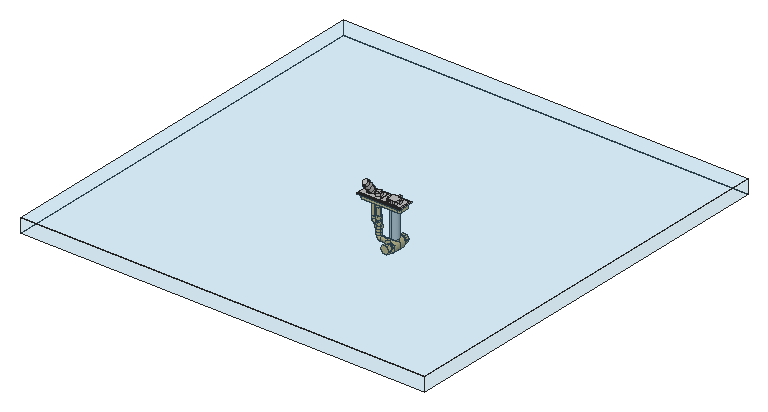
Revit family
Parameters (values of type "HC67-CC")
  Weight Lbs = 11.5
  Waste Connection = no
  Wall Plate Opening Width = 0' - 2 3/8"
  Wall Plate Opening Length = 0' - 9 1/4"
  Wall Plate Flange Width = 0' - 3 1/2"
  Wall Plate Flange Length = 0' - 10 1/16"
  Wall Plate Depth = 0' - 1"
  Wall Thickness = 0' - 4"
  WFU = 0
  Vent Connection = no
  URL = "http://www.woodfordmfg.com/woodford/Wall_Hydrant_Pages/Model-HC67.html"
  Polished Brass (PB) Optional = ""
  Pipe Connection Radius = 0' - 0 3/8"
  Pipe Connection Diameter = Pipe Connection Radius * 2  # 0' - 0 3/4"
  Overall Hydrant Length = 0' - 6 11/16"
  Outlet = "3/4\" Male Hose Thread"
  No Lead Solder = ""
  Model = "HC67-CC"
  Max Temperature = "120º -F"
  Max Pressure = 125.00 psi
  Inlets (2) Hot & Cold = "3/4\" Female Pipe Thread"
  Manufacturer = "Woodford Manufacturing Company"
  Installation Instructions = ""
  HWFU = 0
  HW Connection = yes
  GPM = "13 @ 100psi"
  Double Check Backflow Preventer = "ASSE 1052 Field Testable"
  Default Elevation = 4' - 0"
  Chrome Standard = ""
  Catalog Sheet = "http://www.woodfordmfg.com/woodford/Wall_Hyd_PDF/HC67CATALOG.pdf"
  CWFU = 2.5
  CW Connection = yes
  Brass (BR) Optional = ""
  Automatic Draining = ""
  Assembly Code = ""
  All Cast Brass Heads, Inlets & Wall Flange = ""
  All Brass Castings = ""
Reference planes (in)
  plane 1 "Center (Front/Back)": y = 0
  plane 2: z = 0
  plane 3 "Center (Left/Right)": x = 0
  plane 4 "Left": x = -5.03125
  plane 5 "Right": x = 5.03125
  plane 6 "Bottom": y = -1.75
  plane 7 "Top": y = 1.75
  plane 8 "Top Faceplate": z = 0.1875
  plane 9 "Right Offset": x = 4.53125
  plane 10 "Left Offset": x = -4.53125
  plane 11 "Operating Rod Depth A": z = -4
  plane 12 "Out Right": z = -2
  plane 13 "Out Left": z = -1.5
  plane 14: z = -1
  plane 15 "Operating Rod Depth B": z = -4.5
  plane 16 "Top Plate": z = 0.375
  plane 17: z = -7.3125
Forms (in)
  Extrusion 1, solid, material "Glass"
    sketch origin (0, 0, 0) x (1, 0, 0) y (0, 1, 0)
      loop
        line (-48, 48) -> (-48, -48) -> (48, -48) -> (48, 48) -> (-48, 48)
    from 0 to -3.3572
  Extrusion 2, solid, material "Chrome", detail levels fine
    sketch origin (0, 0, 0) x (1, 0, 0) y (0, 1, 0)
      loop
        line (-5.03125, -1.75) -> (5.03125, -1.75) -> (5.03125, 1.75) -> (-5.03125, 1.75) -> (-5.03125, -1.75)
    from 0 to 0.1875
  Extrusion 3, solid, material "Brass", detail levels fine
    sketch origin (-5.14568, 0, 0) x (1, 0, 0) y (0, 1, 0)
      loop
        circle (3.86811, 0) r 0.625
    from 0 to -2
  Extrusion 4, solid, material "Brass", detail levels fine
    sketch origin (-2.47757, 0, 0) x (1, 0, 0) y (0, 1, 0)
      loop
        circle (-0.08686, 0) r 0.4375
    from 0 to -1.5
  Extrusion 5, solid, material "Brass", detail levels fine
    sketch origin (0, 0, 0) x (1, 0, 0) y (0, 1, 0)
      loop
        line (-4.78125, -0.89352) -> (-4.2971, -1.37767) -> (4.2971, -1.37767) -> (4.78125, -0.89352) -> (4.78125, 0.89352) -> (4.22796, 1.44681) -> (0.89126, 1.44681) -> (0.33797, 0.89352) -> (-0.33797, 0.89352) -> (-0.89126, 1.44681) -> (-4.22796, 1.44681) -> (-4.78125, 0.89352) -> (-4.78125, -0.89352)
    from 0 to -1
  Extrusion 6, solid, material "Brass", detail levels fine
    sketch origin (-2.47757, 0, -1.5) x (-1, 0, 0) y (0, -1, 0)
      loop
        circle (0.08686, 0) r 0.3125
    from 0 to -3
  Extrusion 7, solid, material "Brass", detail levels fine
    sketch origin (-5.14568, 0, -2) x (-1, 0, 0) y (0, -1, 0)
      loop
        circle (-3.86811, 0) r 0.375
    from 0 to -2
  Extrusion 8, solid, material "Brass", detail levels fine
    sketch origin (-5.14568, 0, -4) x (-1, 0, 0) y (0, -1, 0)
      loop
        circle (-3.86811, 0) r 0.5
    from 0 to -0.75
  Sweep 9, solid, material "Brass", detail levels fine
    path origin (-2.47757, 0, 0) x (1, 0, 0) y (0, 0, 1)
      loop
        line (-0.094, -4.5) -> (-0.094, -4.87829)
        arc (-0.094, -4.87829) -> (0.12185, -5.39942) -> (0.64298, -5.61528) r 0.73699
    profile origin (-2.57158, 0, -4.68914) x (0, -1, 0) y (1, 0, 0)
      loop
        circle (0, 0) r 0.375
  Sweep 10, solid, material "Chrome", detail levels fine
    path origin (-3.28593, -0.11031, 0.25) x (0, 1, 0) y (0, 0, 1)
      loop
        arc (0.31144, 0.125) -> (0.26076, 0.41833) -> (0.1201, 0.68069) r 0.93127
    profile origin (-3.28593, 0.15045, 0.66833) x (0, -0.945519, -0.325568) y (1, 0, 0)
      loop
        circle (0, 0) r 0.78125
  Extrusion 11, solid, material "Chrome", detail levels fine
    sketch origin (0, 0, 0.1875) x (-1, 0, 0) y (0, -1, 0)
      loop
        line (4.78125, 1.5) -> (0.125, 1.5) -> (0.125, -1.5) -> (4.78125, -1.5) -> (4.78125, 1.5)
      loop
        line (-4.78125, 1.5) -> (-4.78125, -1.5) -> (-0.125, -1.5) -> (-0.125, 1.5) -> (-4.78125, 1.5)
    from 0 to 0.1875
  Extrusion 12, solid, material "Chrome", detail levels fine
    sketch origin (-5.14568, 0, 0.375) x (-1, 0, 0) y (0, -1, 0)
      loop
        line (-4.53125, -0.38286) -> (-3.8646, -0.77182) -> (-3.19443, -0.38895) -> (-3.19091, 0.38286) -> (-3.85756, 0.77182) -> (-4.52773, 0.38895) -> (-4.53125, -0.38286)
    from 0 to 0.5
  Extrusion 13, solid, material "Chrome", detail levels fine
    sketch origin (-5.14568, 0, 0.875) x (-1, 0, 0) y (0, -1, 0)
      loop
        circle (-3.86811, 0) r 0.54614
    from 0 to 0.25
  Extrusion 14, solid, material "Brass", not visible, detail levels fine
    sketch origin (-5.14568, 0, -4) x (-1, 0, 0) y (0, -1, 0)
      loop
        circle (-3.86811, 0) r 0.5
    from 0 to -0.75
  Sweep 15, solid, material "Brass", not visible, detail levels fine
    path origin (-2.47757, 0, 0) x (1, 0, 0) y (0, 0, 1)
      loop
        line (-0.094, -4.5) -> (-0.094, -4.87829)
        arc (-0.094, -4.87829) -> (0.12185, -5.39942) -> (0.64298, -5.61528) r 0.73699
    profile origin (-2.57158, 0, -4.68914) x (0, -1, 0) y (1, 0, 0)
      loop
        circle (0, 0) r 0.375
  Sweep 16, solid, material "Chrome", detail levels fine
    path origin (0, 0, 0) x (1, 0, 0) y (0, 0, 1)
      loop
        line (2.5, -1) -> (2.5, -7.3125)
    profile origin (2.5, 0, -4.15625) x (0, -1, 0) y (1, 0, 0)
      loop
        circle (0, 0) r 1
  Extrusion 17, solid, material "Brass", detail levels fine
    sketch origin (-5.13514, 0, -6.5625) x (-1, 0, 0) y (0, -1, 0)
      loop
        line (-4.53125, -0.38286) -> (-3.8646, -0.77182) -> (-3.19443, -0.38895) -> (-3.19091, 0.38286) -> (-3.85756, 0.77182) -> (-4.52773, 0.38895) -> (-4.53125, -0.38286)
    from 0 to 0.5625
  Extrusion 18, solid, material "Brass", detail levels fine
    sketch origin (-5.14568, 0, -6.5625) x (-1, 0, 0) y (0, -1, 0)
      loop
        circle (-3.86811, 0) r 0.54614
    from 0 to -0.75
  Sweep 19, solid, material "Brass", detail levels fine
    path origin (0, 0, 0) x (1, 0, 0) y (0, 0, 1)
      loop
        line (-1.27757, -7.3125) -> (-1.27757, -8)
        arc (-1.27757, -8) -> (-1.0579, -8.53033) -> (-0.52757, -8.75) r 0.75
        line (-0.52757, -8.75) -> (1.72243, -8.75)
    profile origin (0.59743, 0, -8.75) x (0, 0, 1) y (0, -1, 0)
      loop
        circle (0, 0) r 0.5
  Extrusion 20, solid, material "Brass", not visible, detail levels fine
    sketch origin (-5.13514, 0, -6.5625) x (-1, 0, 0) y (0, -1, 0)
      loop
        line (-4.53125, -0.38286) -> (-3.8646, -0.77182) -> (-3.19443, -0.38895) -> (-3.19091, 0.38286) -> (-3.85756, 0.77182) -> (-4.52773, 0.38895) -> (-4.53125, -0.38286)
    from 0 to 0.5625
  Extrusion 21, solid, material "Brass", not visible, detail levels fine
    sketch origin (-5.14568, 0, -6.5625) x (-1, 0, 0) y (0, -1, 0)
      loop
        circle (-3.86811, 0) r 0.54614
    from 0 to -0.75
  Sweep 22, solid, material "Brass", not visible, detail levels fine
    path origin (0, 0, 0) x (1, 0, 0) y (0, 0, 1)
      loop
        line (-1.27757, -7.3125) -> (-1.27757, -8)
        arc (-1.27757, -8) -> (-1.0579, -8.53033) -> (-0.52757, -8.75) r 0.75
        line (-0.52757, -8.75) -> (1.72243, -8.75)
    profile origin (0.59743, 0, -8.75) x (0, 0, 1) y (0, -1, 0)
      loop
        circle (0, 0) r 0.5
  Sweep 23, solid, material "Brass", detail levels fine
    path origin (0, 0, -0.0625) x (1, 0, 0) y (0, 0, 1)
      loop
        line (2.5, -7.25) -> (2.5, -8)
    profile origin (2.5, 0, -7.6875) x (0, -1, 0) y (1, 0, 0)
      loop
        circle (0, 0) r 0.75
  Sweep 24, solid, material "Brass", detail levels fine
    path origin (2.5, 0, -0.0625) x (0, 1, 0) y (0, 0, 1)
      loop
        line (-1.5, -8.71448) -> (0, -8.71448) -> (1.5, -8.71448)
    profile origin (2.5, 0.75, -8.77698) x (0, 0, 1) y (1, 0, 0)
      loop
        circle (0, 0) r 1.25
  Sweep 25, solid, material "Brass", detail levels fine
    path origin (2.5, 0, -0.0625) x (0, 1, 0) y (0, 0, 1)
      loop
        line (-1.5, -8.71448) -> (-2.25, -8.71448)
    profile origin (2.5, -1.875, -8.77698) x (0, 0, -1) y (1, 0, 0)
      loop
        circle (0, 0) r 0.625
  Sweep 26, solid, material "Brass", detail levels fine
    path origin (2.5, 0, -0.0625) x (0, -1, 0) y (0, 0, -1)
      loop
        line (-1.5, 8.71448) -> (-2.25, 8.71448)
    profile origin (2.5, 1.875, -8.77698) x (0, 0, 1) y (1, 0, 0)
      loop
        circle (0, 0) r 0.625
  Extrusion 27, solid, material "Brass", detail levels fine
    sketch origin (0, -2.25, -0.0625) x (1, 0, 0) y (0, 0, 1)
      loop
        line (3.49237, -8.70605) -> (2.99237, -7.84003) -> (1.99237, -7.84003) -> (1.49237, -8.70605) -> (1.99237, -9.57208) -> (2.99237, -9.57208) -> (3.49237, -8.70605)
    from 0 to 0.625
  Extrusion 28, solid, material "Brass", detail levels fine
    sketch origin (0, 2.25, -0.0625) x (1, 0, 0) y (0, 0, -1)
      loop
        line (3.49237, 8.70605) -> (2.99237, 9.57208) -> (1.99237, 9.57208) -> (1.49237, 8.70605) -> (1.99237, 7.84003) -> (2.99237, 7.84003) -> (3.49237, 8.70605)
    from 0 to 0.625
  Sweep 29, solid, material "Brass", not visible, detail levels fine
    path origin (0, 0, 0) x (1, 0, 0) y (0, 0, 1)
      loop
        line (2.5, -7.25) -> (2.5, -8)
    profile origin (2.5, 0, -7.625) x (0, -1, 0) y (1, 0, 0)
      loop
        circle (0, 0) r 0.75
  Sweep 30, solid, material "Brass", not visible, detail levels fine
    path origin (2.5, 0, 0) x (0, 1, 0) y (0, 0, 1)
      loop
        line (-1.5, -8.71448) -> (0, -8.71448) -> (1.5, -8.71448)
    profile origin (2.5, 0.75, -8.71448) x (0, 0, 1) y (1, 0, 0)
      loop
        circle (0, 0) r 1.25
  Sweep 31, solid, material "Brass", not visible, detail levels fine
    path origin (2.5, 0, 0) x (0, 1, 0) y (0, 0, 1)
      loop
        line (-1.5, -8.71448) -> (-2.25, -8.71448)
    profile origin (2.5, -1.875, -8.71448) x (0, 0, -1) y (1, 0, 0)
      loop
        circle (0, 0) r 0.625
  Sweep 32, solid, material "Brass", not visible, detail levels fine
    path origin (2.5, 0, 0) x (0, -1, 0) y (0, 0, -1)
      loop
        line (-1.5, 8.71448) -> (-2.25, 8.71448)
    profile origin (2.5, 1.875, -8.71448) x (0, 0, 1) y (1, 0, 0)
      loop
        circle (0, 0) r 0.625
  Extrusion 33, solid, material "Brass", not visible, detail levels fine
    sketch origin (0, -2.25, 0) x (1, 0, 0) y (0, 0, 1)
      loop
        line (3.49237, -8.70605) -> (2.99237, -7.84003) -> (1.99237, -7.84003) -> (1.49237, -8.70605) -> (1.99237, -9.57208) -> (2.99237, -9.57208) -> (3.49237, -8.70605)
    from 0 to 0.625
  Extrusion 34, solid, material "Brass", not visible, detail levels fine
    sketch origin (0, 2.25, 0) x (1, 0, 0) y (0, 0, -1)
      loop
        line (3.49237, 8.70605) -> (2.99237, 9.57208) -> (1.99237, 9.57208) -> (1.49237, 8.70605) -> (1.99237, 7.84003) -> (2.99237, 7.84003) -> (3.49237, 8.70605)
    from 0 to 0.625
  Extrusion 35, solid, material "Brass", detail levels fine
    sketch origin (-5.14568, 0, -4.75) x (-1, 0, 0) y (0, -1, 0)
      loop
        circle (-3.86811, 0) r 0.375
    from 0 to -0.5
  Extrusion 36, solid, material "Brass", detail levels fine
    sketch origin (-5.14568, 0, -5.25) x (-1, 0, 0) y (0, -1, 0)
      loop
        circle (-3.86811, 0) r 0.54614
    from 0 to -0.75
  Extrusion 37, solid, material "Brass", not visible, detail levels fine
    sketch origin (-5.14568, 0, -4.75) x (-1, 0, 0) y (0, -1, 0)
      loop
        circle (-3.86811, 0) r 0.375
    from 0 to -0.5
  Extrusion 38, solid, material "Brass", not visible, detail levels fine
    sketch origin (-5.14568, 0, -5.25) x (-1, 0, 0) y (0, -1, 0)
      loop
        circle (-3.86811, 0) r 0.54614
    from 0 to -0.75
  Extrusion 39, solid, material "Chrome", detail levels fine
    sketch origin (0, 0, 0.1875) x (-1, 0, 0) y (0, -1, 0)
      loop
        arc (-1.61001, -0.58753) -> (-1.51291, -0.40557) -> (-1.4529, -0.20826) r 1.05982
        line (-1.4529, -0.20826) -> (-1.06528, -0.20826) -> (-1.06528, 0.20826) -> (-1.4529, 0.20826)
        arc (-1.4529, 0.20826) -> (-1.51291, 0.40557) -> (-1.61001, 0.58753) r 1.05982
        line (-1.61001, 0.58753) -> (-1.34407, 0.85347) -> (-1.63858, 1.14799) -> (-1.90452, 0.88205)
        arc (-1.90452, 0.88205) -> (-2.08648, 0.97914) -> (-2.2838, 1.03915) r 1.05982
        line (-2.2838, 1.03915) -> (-2.2838, 1.41525) -> (-2.70031, 1.41525) -> (-2.70031, 1.03915)
        arc (-2.70031, 1.03915) -> (-2.89763, 0.97914) -> (-3.07959, 0.88205) r 1.05982
        line (-3.07959, 0.88205) -> (-3.35368, 1.15614) -> (-3.6482, 0.86163) -> (-3.37411, 0.58753)
        arc (-3.37411, 0.58753) -> (-3.4712, 0.40557) -> (-3.53121, 0.20826) r 1.05982
        line (-3.53121, 0.20826) -> (-3.91884, 0.20826) -> (-3.91884, -0.20826) -> (-3.53121, -0.20826)
        arc (-3.53121, -0.20826) -> (-3.4712, -0.40557) -> (-3.37411, -0.58753) r 1.05982
        line (-3.37411, -0.58753) -> (-3.64005, -0.85347) -> (-3.34553, -1.14799) -> (-3.07959, -0.88205)
        arc (-3.07959, -0.88205) -> (-2.89763, -0.97914) -> (-2.70031, -1.03915) r 1.05982
        line (-2.70031, -1.03915) -> (-2.70031, -1.69262) -> (-2.2838, -1.69262) -> (-2.2838, -1.03915)
        arc (-2.2838, -1.03915) -> (-2.08648, -0.97914) -> (-1.90452, -0.88205) r 1.05982
        line (-1.90452, -0.88205) -> (-1.63043, -1.15614) -> (-1.33591, -0.86163) -> (-1.61001, -0.58753)
    from 0 to 0.625
  Sweep 40, solid, material "Chrome", detail levels fine
    path origin (-3.28593, 0.04151, 0.05138) x (0, 1, 0) y (0, 0, 1)
      loop
        line (-0.03172, 0.87931) -> (-0.639, 1.67379)
    profile origin (-3.28593, -0.29385, 1.32793) x (0, -0.794484, -0.607286) y (1, 0, 0)
      loop
        circle (0, 0) r 0.75
  Sweep 41, solid, material "Chrome", detail levels fine
    path origin (-3.28593, -0.28925, 0.86614) x (0, 1, 0) y (0, 0, 1)
      loop
        line (-0.889, 1.67379) -> (-1.00357, 1.82368)
    profile origin (-3.28593, -1.23553, 2.61487) x (0, -0.794484, -0.607286) y (1, 0, 0)
      loop
        circle (0, 0) r 0.5
  Sweep 42, solid, material "Chrome", detail levels fine
    path origin (-3.28593, -0.28925, 0.86614) x (0, 1, 0) y (0, 0, 1)
      loop
        line (-1.00357, 1.82368) -> (-1.20094, 2.08188)
    profile origin (-3.28593, -1.3915, 2.81892) x (0, -0.794484, -0.607286) y (1, 0, 0)
      loop
        circle (0, 0) r 0.625
  Sweep 43, solid, material "Chrome", detail levels fine
    path origin (-3.28593, -0.46759, 1.04448) x (0, 1, 0) y (0, 0, 1)
      loop
        line (-0.1299, 0.68069) -> (-0.28172, 0.87931)
    profile origin (-3.28593, -0.6734, 1.82448) x (0, -0.794484, -0.607286) y (1, 0, 0)
      loop
        circle (0, 0) r 0.5
  Sweep 44, solid, material "Chrome", detail levels fine
    path origin (-3.28593, -0.37842, 0.95531) x (0, 1, 0) y (0, 0, 1)
      loop
        line (-0.35763, 0.97862) -> (-0.81309, 1.57448)
    profile origin (-3.28593, -0.96378, 2.23186) x (0, -0.794484, -0.607286) y (1, 0, 0)
      loop
        circle (0, 0) r 0.75
Lines and regions (in)
  model lines, detail levels coarse+medium
    curve 1: line (0, 0, 6.80114) -> (-3, 0, 6.80114)
    curve 2: line (0, 0, 6.80114) -> (3, 0, 6.80114)
    curve 3: line (0, 0, 0.1875) -> (0, 0, 10.1875)
Dimensions and locks (in)
  equal spacing: plane 7 "Top", plane 1 "Center (Front/Back)", plane 6 "Bottom"
  "Wall Plate Flange Width": plane 7 "Top" to plane 6 "Bottom"
  equal spacing: plane 4 "Left", plane 3 "Center (Left/Right)", plane 5 "Right"
  "Wall Plate Flange Length": plane 4 "Left" to plane 5 "Right"
  locked: plane 4 "Left" to plane 10 "Left Offset" at 0.5
  locked: plane 9 "Right Offset" to plane 5 "Right" at 0.5
  locked: plane 4 "Left" to Extrusion 11 sketch curve at 0.25
  locked: Extrusion 11 sketch curve to plane 6 "Bottom" at 0.25  (x2)
  locked: plane 7 "Top" to Extrusion 11 sketch curve at 0.25  (x2)
  locked: Extrusion 11 sketch curve to plane 3 "Center (Left/Right)" at 0.125
  locked: plane 3 "Center (Left/Right)" to Extrusion 11 sketch curve at 0.125
  locked: Extrusion 11 sketch curve to plane 5 "Right" at 0.25
  "Pipe Connection Radius": radius of Extrusion 7 sketch curve
  "Pipe Connection Radius": radius of Extrusion 35 sketch curve
  "Pipe Connection Radius": radius of Extrusion 37 sketch curve
  aligned and locked: plane 2 to Extrusion 1
  aligned and locked: level to Extrusion 1
  aligned and locked: plane 7 "Top" to Extrusion 2
  aligned and locked: plane 6 "Bottom" to Extrusion 2
  aligned and locked: plane 5 "Right" to Extrusion 2
  aligned and locked: plane 4 "Left" to Extrusion 2
  aligned and locked: plane 8 "Top Faceplate" to Extrusion 2
  aligned and locked: plane 12 "Out Right" to Extrusion 3
  aligned and locked: plane 13 "Out Left" to Extrusion 4
  aligned and locked: Extrusion 5 to plane 14
  aligned and locked: Extrusion 7 to plane 11 "Operating Rod Depth A"
  aligned and locked: Extrusion 6 to plane 15 "Operating Rod Depth B"
  aligned and locked: Sweep 9 to plane 15 "Operating Rod Depth B"
  aligned and locked: plane 15 "Operating Rod Depth B" to Sweep 9
  aligned and locked: plane 16 "Top Plate" to Extrusion 11
  aligned and locked: plane 17 to Sweep 16
  aligned and locked: Extrusion 36 to Extrusion 17
  aligned and locked: Extrusion 35 to Extrusion 8
  aligned and locked: Extrusion 38 to Extrusion 20
  aligned and locked: Extrusion 37 to Extrusion 14
  aligned and locked: plane 17 to Sweep 23
Automatic sketch dimensions
  Sweep 9 sketch curve to profile plane = 0' - 0"
  Sweep 9 sketch curve to Sweep 9 sketch curve = 0' - 0.73699"
  Sweep 9 sketch curve to Sweep 9 sketch curve = 0' - 0.37829"
  profile plane to Sweep 9 sketch curve = 0' - 0"
  Sweep 15 sketch curve to profile plane = 0' - 0"
  Sweep 15 sketch curve to Sweep 15 sketch curve = 0' - 0.73699"
  Sweep 15 sketch curve to Sweep 15 sketch curve = 0' - 0.37829"
  profile plane to Sweep 15 sketch curve = 0' - 0"
  Extrusion 17 sketch curve to Extrusion 17 sketch curve = 0' - 0.00352"  (x2)
  Extrusion 17 sketch curve to Extrusion 17 sketch curve = 0' - 0.66665"
  Extrusion 17 sketch curve to Extrusion 17 sketch curve = 0' - 0.67017"  (x2)
  Extrusion 17 sketch curve to Extrusion 17 sketch curve = 0' - 0.38286"  (x2)
  Extrusion 17 sketch curve to Extrusion 17 sketch curve = 0' - 0.38895"
  Extrusion 17 sketch curve to Extrusion 17 sketch curve = 0' - 0.77182"  (x2)
  profile plane to Sweep 19 sketch curve = 0' - 0"
  Sweep 19 sketch curve to Sweep 19 sketch curve = 0' - 0 11/16"
  Sweep 19 sketch curve to Sweep 19 sketch curve = 0' - 0 3/4"
  Sweep 19 sketch curve to Sweep 19 sketch curve = 0' - 2 1/4"
  Sweep 19 sketch curve to profile plane = 0' - 0"
  Sweep 22 sketch curve to Sweep 22 sketch curve = 0' - 0 3/4"
  Sweep 22 sketch curve to Sweep 22 sketch curve = 0' - 2 1/4"
  Sweep 22 sketch curve to profile plane = 0' - 0"
  Sweep 23 sketch curve to Sweep 23 sketch curve = 0' - 0 3/4"
  Sweep 23 sketch curve to profile plane = 0' - 0"
  Sweep 24 sketch curve to profile plane = 0' - 0"  (x2)
  Sweep 25 sketch curve to profile plane = 0' - 0"  (x2)
  Sweep 26 sketch curve to profile plane = 0' - 0"  (x2)
  Extrusion 27 sketch curve to Extrusion 27 sketch curve = 0' - 0 1/2"  (x3)
  Extrusion 27 sketch curve to Extrusion 27 sketch curve = 0' - 1"  (x2)
  Extrusion 27 sketch curve to Extrusion 27 sketch curve = 0' - 0.86603"  (x3)
  Extrusion 28 sketch curve to Extrusion 28 sketch curve = 0' - 0 1/2"  (x3)
  Extrusion 28 sketch curve to Extrusion 28 sketch curve = 0' - 1"  (x2)
  Extrusion 28 sketch curve to Extrusion 28 sketch curve = 0' - 0.86603"  (x3)
  Sweep 24 sketch curve to Sweep 24 sketch curve = 0' - 1 1/2"  (x2)
  Sweep 25 sketch curve to Sweep 25 sketch curve = 0' - 0 3/4"
  Sweep 26 sketch curve to Sweep 26 sketch curve = 0' - 0 3/4"
  profile plane to Sweep 23 sketch curve = 0' - 0"
  curve 2 to plane 3 "Center (Left/Right)" = 0' - 0"
  curve 3 to plane 3 "Center (Left/Right)" = 0' - 0"
  curve 3 to plane 8 "Top Faceplate" = 0' - 0"
  plane 10 "Left Offset" to curve 1 = 0' - 1 17/32"
  curve 2 to plane 9 "Right Offset" = 0' - 1 17/32"
  plane 16 "Top Plate" to curve 2 = 0' - 6.42614"
  curve 1 to curve 3 = 0' - 3.38636"
  Extrusion 1 sketch curve to Extrusion 1 sketch curve = 8' - 0"  (x2)
  Extrusion 2 sketch curve to plane 4 "Left" = 0' - 0"
  Extrusion 2 sketch curve to plane 5 "Right" = 0' - 0"
  Extrusion 2 sketch curve to plane 6 "Bottom" = 0' - 0"
  Extrusion 2 sketch curve to plane 7 "Top" = 0' - 0"
  plane 1 "Center (Front/Back)" to Extrusion 3 sketch curve = 0' - 0"
  Extrusion 3 sketch curve to plane 3 "Center (Left/Right)" = 0' - 1.27757"
  plane 1 "Center (Front/Back)" to Extrusion 4 sketch curve = 0' - 0"
  plane 10 "Left Offset" to Extrusion 4 sketch curve = 0' - 1.96682"
  plane 4 "Left" to Extrusion 5 sketch curve = 0' - 0 1/4"
  plane 10 "Left Offset" to Extrusion 5 sketch curve = 0' - 0.23415"
  plane 10 "Left Offset" to Extrusion 5 sketch curve = 0' - 0.30329"
  Extrusion 5 sketch curve to plane 7 "Top" = 0' - 0.30319"  (x2)
  Extrusion 5 sketch curve to plane 3 "Center (Left/Right)" = 0' - 0.89126"
  Extrusion 5 sketch curve to plane 3 "Center (Left/Right)" = 0' - 0.33797"
  plane 3 "Center (Left/Right)" to Extrusion 5 sketch curve = 0' - 0.33797"
  Extrusion 5 sketch curve to Extrusion 5 sketch curve = 0' - 0"
  Extrusion 5 sketch curve to Extrusion 5 sketch curve = 0' - 0.55329"  (x4)
  Extrusion 5 sketch curve to plane 9 "Right Offset" = 0' - 0.30329"
  Extrusion 5 sketch curve to plane 9 "Right Offset" = 0' - 0.23415"
  Extrusion 5 sketch curve to plane 5 "Right" = 0' - 0 1/4"
  plane 6 "Bottom" to Extrusion 5 sketch curve = 0' - 0.85648"  (x2)
  plane 6 "Bottom" to Extrusion 5 sketch curve = 0' - 0.37233"
  plane 1 "Center (Front/Back)" to Extrusion 6 sketch curve = 0' - 0"
  plane 10 "Left Offset" to Extrusion 6 sketch curve = 0' - 1.96682"
  plane 1 "Center (Front/Back)" to Extrusion 7 sketch curve = 0' - 0"
  Extrusion 7 sketch curve to plane 3 "Center (Left/Right)" = 0' - 1.27757"
  Sweep 10 sketch curve to plane 16 "Top Plate" = 0' - 0"
  Sweep 10 sketch curve to plane 16 "Top Plate" = 0' - 0.00986"
  plane 1 "Center (Front/Back)" to Sweep 10 sketch curve = 0' - 0.73008"
  Sweep 10 sketch curve to plane 1 "Center (Front/Back)" = 0' - 0.0098"
  Sweep 10 sketch curve to plane 1 "Center (Front/Back)" = 0' - 0.20114"
  Sweep 10 sketch curve to profile plane = 0' - 0"  (x2)
  Extrusion 12 sketch curve to plane 3 "Center (Left/Right)" = 0' - 0.61443"
  Extrusion 12 sketch curve to plane 3 "Center (Left/Right)" = 0' - 0.61795"
  Extrusion 12 sketch curve to Extrusion 12 sketch curve = 0' - 0.66665"
  Extrusion 12 sketch curve to Extrusion 12 sketch curve = 0' - 0.67017"  (x2)
  Extrusion 12 sketch curve to plane 1 "Center (Front/Back)" = 0' - 0.38895"
  plane 1 "Center (Front/Back)" to Extrusion 12 sketch curve = 0' - 0.38286"
  Extrusion 12 sketch curve to Extrusion 12 sketch curve = 0' - 0.00352"
  Extrusion 12 sketch curve to plane 1 "Center (Front/Back)" = 0' - 0.77182"
  Extrusion 12 sketch curve to plane 1 "Center (Front/Back)" = 0' - 0.38286"
  plane 1 "Center (Front/Back)" to Extrusion 12 sketch curve = 0' - 0.38895"
  plane 1 "Center (Front/Back)" to Extrusion 12 sketch curve = 0' - 0.77182"
  plane 1 "Center (Front/Back)" to Extrusion 13 sketch curve = 0' - 0"
  Extrusion 13 sketch curve to plane 3 "Center (Left/Right)" = 0' - 1.27757"
  Sweep 16 sketch curve to plane 17 = 0' - 0"
  Sweep 16 sketch curve to plane 14 = 0' - 0"
  Sweep 16 sketch curve to plane 9 "Right Offset" = 0' - 2 1/32"
  plane 1 "Center (Front/Back)" to Sweep 16 sketch curve = 0' - 0"
  Sweep 16 sketch curve to profile plane = 0' - 0"
  Extrusion 39 sketch curve to Extrusion 39 sketch curve = 0' - 0"  (x56)
  plane 1 "Center (Front/Back)" to Extrusion 39 sketch curve = 0' - 0"
  Extrusion 39 sketch curve to plane 1 "Center (Front/Back)" = 0' - 0.20826"  (x2)
  Extrusion 39 sketch curve to plane 9 "Right Offset" = 0' - 0.61241"
  Extrusion 39 sketch curve to Extrusion 39 sketch curve = 0' - 0.27064"
  Extrusion 39 sketch curve to Extrusion 39 sketch curve = 0' - 0.27879"
  Extrusion 39 sketch curve to Extrusion 39 sketch curve = 0' - 0.38763"  (x3)
  Extrusion 39 sketch curve to plane 1 "Center (Front/Back)" = 0' - 0.58753"
  Extrusion 39 sketch curve to Extrusion 39 sketch curve = 0' - 0.26594"  (x2)
  plane 1 "Center (Front/Back)" to Extrusion 39 sketch curve = 0' - 0.58753"
  Extrusion 39 sketch curve to Extrusion 39 sketch curve = 0' - 0.27409"  (x2)
  plane 6 "Bottom" to Extrusion 39 sketch curve = 0' - 0.59386"
  Extrusion 39 sketch curve to Extrusion 39 sketch curve = 0' - 0.29452"  (x4)
  Extrusion 39 sketch curve to plane 7 "Top" = 0' - 0.60201"
  Extrusion 39 sketch curve to plane 7 "Top" = 0' - 0.86795"  (x2)
  plane 6 "Bottom" to Extrusion 39 sketch curve = 0' - 0.86795"  (x2)
  Extrusion 39 sketch curve to plane 7 "Top" = 0' - 0.05738"
  Extrusion 39 sketch curve to Extrusion 39 sketch curve = 0' - 0.64522"
  Extrusion 39 sketch curve to Extrusion 39 sketch curve = 0' - 0.37928"  (x3)
  Extrusion 39 sketch curve to Extrusion 39 sketch curve = 0' - 0.41651"  (x2)
  plane 6 "Bottom" to Extrusion 39 sketch curve = 0' - 0.60201"
  Extrusion 39 sketch curve to plane 7 "Top" = 0' - 0.59386"
  Extrusion 39 sketch curve to Extrusion 39 sketch curve = 0' - 0.1571"  (x2)
  plane 1 "Center (Front/Back)" to Extrusion 39 sketch curve = 0' - 0.20826"
  plane 6 "Bottom" to Extrusion 39 sketch curve = 0' - 0.33475"
  plane 1 "Center (Front/Back)" to Sweep 40 sketch curve = 0' - 0.59749"
  Sweep 40 sketch curve to plane 1 "Center (Front/Back)" = 0' - 0.0098"
  plane 16 "Top Plate" to Sweep 40 sketch curve = 0' - 0.55569"
  Sweep 40 sketch curve to Sweep 40 sketch curve = 0' - 0.79448"
  Sweep 40 sketch curve to profile plane = 0' - 0"  (x2)
  plane 6 "Bottom" to Sweep 41 sketch curve = 0' - 0.45718"
  Sweep 41 sketch curve to Sweep 41 sketch curve = 0' - 0.11457"
  plane 16 "Top Plate" to Sweep 41 sketch curve = 0' - 2.16493"
  Sweep 41 sketch curve to Sweep 41 sketch curve = 0' - 0.14988"
  Sweep 41 sketch curve to profile plane = 0' - 0"  (x2)
  plane 6 "Bottom" to Sweep 42 sketch curve = 0' - 0.25981"
  Sweep 42 sketch curve to Sweep 42 sketch curve = 0' - 0.19737"
  plane 16 "Top Plate" to Sweep 42 sketch curve = 0' - 2.31481"
  Sweep 42 sketch curve to Sweep 42 sketch curve = 0' - 0.25821"
  Sweep 42 sketch curve to profile plane = 0' - 0"  (x2)
  plane 1 "Center (Front/Back)" to Sweep 43 sketch curve = 0' - 0.74931"
  Sweep 43 sketch curve to Sweep 43 sketch curve = 0' - 0.15182"
  plane 16 "Top Plate" to Sweep 43 sketch curve = 0' - 1.35017"
  Sweep 43 sketch curve to Sweep 43 sketch curve = 0' - 0.19862"
  Sweep 43 sketch curve to profile plane = 0' - 0"  (x2)
  plane 6 "Bottom" to Sweep 44 sketch curve = 0' - 0.55849"
  plane 1 "Center (Front/Back)" to Sweep 44 sketch curve = 0' - 0.73605"
  plane 16 "Top Plate" to Sweep 44 sketch curve = 0' - 1.55893"
  Sweep 44 sketch curve to Sweep 44 sketch curve = 0' - 0.59586"
  Sweep 44 sketch curve to profile plane = 0' - 0"  (x2)
  radius of Extrusion 8 sketch curve = 0' - 0 1/2"
  radius of Sweep 9 sketch curve = 0' - 0 3/8"
  radius of Extrusion 14 sketch curve = 0' - 0 1/2"
  radius of Sweep 15 sketch curve = 0' - 0 3/8"
  radius of Extrusion 18 sketch curve = 0' - 0.54614"
  radius of Sweep 19 sketch curve = 0' - 0 1/2"
  radius of Sweep 23 sketch curve = 0' - 0 3/4"
  radius of Sweep 24 sketch curve = 0' - 1 1/4"
  radius of Sweep 25 sketch curve = 0' - 0 5/8"
  radius of Sweep 26 sketch curve = 0' - 0 5/8"
  radius of Extrusion 36 sketch curve = 0' - 0.54614"
  radius of Extrusion 3 sketch curve = 0' - 0 5/8"
  radius of Extrusion 4 sketch curve = 0' - 0 7/16"
  radius of Extrusion 6 sketch curve = 0' - 0 5/16"
  radius of Extrusion 7 sketch curve = 0' - 0 3/8"
  radius of Sweep 10 sketch curve = 0' - 0 25/32"
  radius of Extrusion 13 sketch curve = 0' - 0.54614"
  radius of Sweep 16 sketch curve = 0' - 1"
  radius of Sweep 40 sketch curve = 0' - 0 3/4"
  radius of Sweep 41 sketch curve = 0' - 0 1/2"
  radius of Sweep 42 sketch curve = 0' - 0 5/8"
  radius of Sweep 43 sketch curve = 0' - 0 1/2"
  radius of Sweep 44 sketch curve = 0' - 0 3/4"
Nested families (in)
  nested 1: "Hydrant Annotation" at (0, 0, 0), type "Hydrant Annotation", detail levels coarse+medium
Connectors (in)
  piping at (2.49237, -2.875, -8.76855)
    settings: on Extrusion 27, index 1, connector radius 1/2", flow factor 0, pipe flow 0 GPM, pressure drop 0.00 psi, fitting loss kfactor 0, connector angle 0.00°, fixture units 0, flow configuration 1, flow direction 1, fitting loss method 0, system type 19, connector reference index -1, connector utility 0, adjustable connector no, is connector primary yes, fitting loss table "", connector description ""
  piping at (2.49237, 2.875, -8.76855)
    settings: on Extrusion 28, index 2, connector radius 1/2", flow factor 0, pipe flow 0 GPM, pressure drop 0.00 psi, fitting loss kfactor 0, connector angle 0.00°, fixture units 0, flow configuration 1, flow direction 1, fitting loss method 0, system type 20, connector reference index -1, connector utility 0, adjustable connector no, is connector primary no, fitting loss table "", connector description ""
Definition of nested family "Hydrant Annotation"
  Reference planes (in)
    plane 1: y = 0
    plane 2: x = 0
  Lines and regions (in)
    detail lines, style "Hydrant Symbol"
      curve 1: line (0, 0, 0) -> (0, 0.325, 0)
      curve 2: line (-0.11215, 0.22111, 0) -> (0.11215, 0.22111, 0)
      curve 3: line (-0.0625, 0, 0) -> (0.0625, 0, 0)
  Dimensions and locks (in)
    equal spacing: curve 2, plane 2, curve 2
    curve 3 to curve 3 = 0' - 0 1/8"
